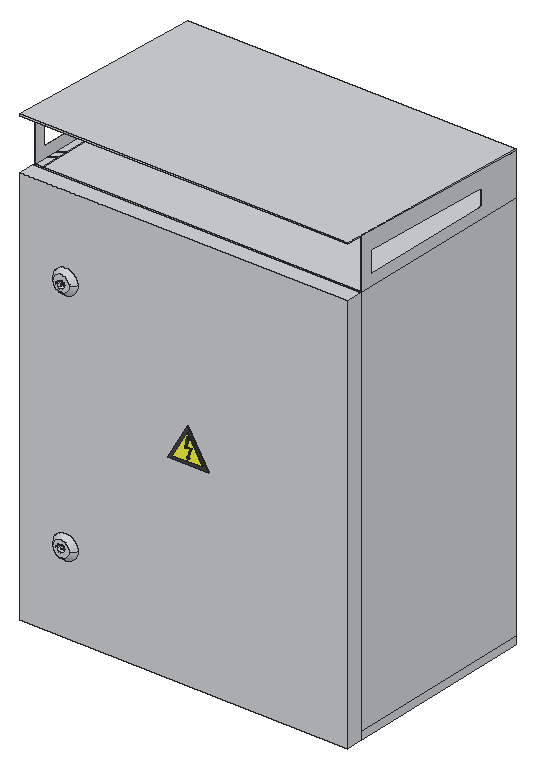
Revit family "STS-504_RV17_LOD400 (05.11.23)", category Электрооборудование, Revit 2017
Family settings
  Конфигурация панели = Два столбца, слева направо
  Размер круглого соединителя = Использовать диаметр
  Тип детали = Щит
  На основе рабочей плоскости = Нет
  Всегда вертикально = Да
  При загрузке вырезать с полостями = Нет
  Общий = Нет
  Точка расчета площади = Нет
Parameters (values of type "STS-504")
  Смещение_УГО_Y [instance] = 0 mm
  Смещение_УГО_X [instance] = 0 mm
  Раздел проекта [instance] = ""
  Раздел Спецификации [instance] = ""
  Номинальный ток автоматического выключателя напряжения питания, А = 25 A
  Напряжение электропитания постоянного тока вентилятора, В = 12
  Напряжение электропитания переменного тока, В/Гц = "220/50"
  Напряжение = "220"
  Конфигуратор контроллера STS-504 = "https://stilsoft.ru/calc504"
  Диапазон рабочих температур, °С = "от –40 до +50"
  Включение вентиляции при температуре, от, °С = 35
  Видимость_дверь [instance] = yes
  Видимость_УГО [instance] = yes
  Вариант исполнения = "уличный"
  В_Смещение_УГО_Y [instance] = Смещение_УГО_Y + 2000 mm  # 2000 mm
  В_Смещение_УГО_X [instance] = Смещение_УГО_X + 2000 mm  # 2000 mm
  d_короба = 20 mm
  ADSK_Размер_Ширина = 400 mm
  ADSK_Размер_Глубина = 257 mm
  ADSK_Размер_Высота = 560 mm
  ADSK_Примечание = ""
  ADSK_Наименование = "Контроллер STS-504"
  ADSK_Масса = 12
  ADSK_Марка = "СТВФ.426471.287"
  ADSK_Количество = 1
  ADSK_Завод-изготовитель = "ООО «Основа Безопасности»"  # constant formula
  ADSK_Единица измерения = "шт."  # constant formula
  ADSK_URL страницы изделия = "https://stilsoft.ru/products/sts-504"
  ADSK_URL документации изделия = ""
Reference planes
  plane 1 "По центру (Вперед/Назад)": y = 0
  plane 2: z = 0
  plane 3 "По центру (Влево/Вправо)": x = 0
  plane 4: y = 2000
  plane 5: x = -2000
  plane 6: x = 0
  plane 7: y = 0
  plane 8 "4": x = 200
  plane 9 "3": x = -200
  plane 10 "дверь": y = -257
  plane 11: z = 496
  plane 12 "крыша": through (0, -257, 558) normal (0, -0.0389, -0.9992)
  plane 13: z = 560
Forms (mm)
  Extrusion 1, solid, detail levels medium+fine
    sketch origin (0, 0, 0) x (1, 0, 0) y (0, 1, 0)
      loop
        line (-200, 0) -> (-200, -235) -> (-190, -235) -> (-190, -10) -> (190, -10) -> (190, -235) -> (200, -235) -> (200, 0) -> (-200, 0)
    from 16 to 496
  Extrusion 2, solid, detail levels medium+fine
    sketch origin (0, 0, 0) x (1, 0, 0) y (0, 0, 1)
      loop
        line (-200, 16) -> (-200, 6) -> (200, 6) -> (200, 16) -> (-200, 16)
      loop
        line (-200, 496) -> (-200, 486) -> (200, 486) -> (200, 496) -> (-200, 496)
    from 0 to 235
  Revolve 3, solid, detail levels medium+fine
    sketch origin (-125, -42.49, 0) x (0, -1, 0) y (0, 0, 1)
      loop
        line (0, 0) -> (12, 0) -> (12, 2) -> (14.5, 2) -> (14.5, 4) -> (17, 4) -> (17, 4.951) -> (20.994, 4.951) -> (20.994, 6) -> (0, 6) -> (0, 0)
      axis (0, 6) -> (0, 0)
    angle from 0 to 360
  Revolve 4, solid, detail levels medium+fine
    sketch origin (-75, -55.774, 1200) x (0, -1, 0) y (0, 0, 1)
      loop
        line (-13.284, -1200) -> (-1.284, -1200) -> (-1.284, -1198) -> (1.216, -1198) -> (1.216, -1196) -> (3.716, -1196) -> (3.716, -1195.049) -> (7.71, -1195.049) -> (7.71, -1194) -> (-13.284, -1194) -> (-13.284, -1200)
      axis (-13.284, -1194) -> (-13.284, -1200)
    angle from 0 to 360
  Revolve 5, solid, detail levels medium+fine
    sketch origin (-25, -42.49, 0) x (0, -1, 0) y (0, 0, 1)
      loop
        line (0, 0) -> (12, 0) -> (12, 2) -> (14.5, 2) -> (14.5, 4) -> (17, 4) -> (17, 4.951) -> (20.994, 4.951) -> (20.994, 6) -> (0, 6) -> (0, 0)
      axis (0, 6) -> (0, 0)
    angle from 0 to 360
  Revolve 6, solid, detail levels medium+fine
    sketch origin (25, -55.774, 1200) x (0, -1, 0) y (0, 0, 1)
      loop
        line (-13.284, -1200) -> (-1.284, -1200) -> (-1.284, -1198) -> (1.216, -1198) -> (1.216, -1196) -> (3.716, -1196) -> (3.716, -1195.049) -> (7.71, -1195.049) -> (7.71, -1194) -> (-13.284, -1194) -> (-13.284, -1200)
      axis (-13.284, -1194) -> (-13.284, -1200)
    angle from 0 to 360
  Revolve 7, solid, detail levels medium+fine
    sketch origin (75, -42.49, 0) x (0, -1, 0) y (0, 0, 1)
      loop
        line (0, 0) -> (12, 0) -> (12, 2) -> (14.5, 2) -> (14.5, 4) -> (17, 4) -> (17, 4.951) -> (20.994, 4.951) -> (20.994, 6) -> (0, 6) -> (0, 0)
      axis (0, 6) -> (0, 0)
    angle from 0 to 360
  Revolve 8, solid, detail levels medium+fine
    sketch origin (125, -55.774, 1200) x (0, -1, 0) y (0, 0, 1)
      loop
        line (-13.284, -1200) -> (-1.284, -1200) -> (-1.284, -1198) -> (1.216, -1198) -> (1.216, -1196) -> (3.716, -1196) -> (3.716, -1195.049) -> (7.71, -1195.049) -> (7.71, -1194) -> (-13.284, -1194) -> (-13.284, -1200)
      axis (-13.284, -1194) -> (-13.284, -1200)
    angle from 0 to 360
  Revolve 9, solid, detail levels medium+fine
    sketch origin (-100, -97, 0) x (0, -1, 0) y (0, 0, 1)
      loop
        line (0, 0) -> (12, 0) -> (12, 2) -> (14.5, 2) -> (14.5, 4) -> (17, 4) -> (17, 4.951) -> (20.994, 4.951) -> (20.994, 6) -> (0, 6) -> (0, 0)
      axis (0, 6) -> (0, 0)
    angle from 0 to 360
  Revolve 10, solid, detail levels medium+fine
    sketch origin (-50, -110.284, 1200) x (0, -1, 0) y (0, 0, 1)
      loop
        line (-13.284, -1200) -> (-1.284, -1200) -> (-1.284, -1198) -> (1.216, -1198) -> (1.216, -1196) -> (3.716, -1196) -> (3.716, -1195.049) -> (7.71, -1195.049) -> (7.71, -1194) -> (-13.284, -1194) -> (-13.284, -1200)
      axis (-13.284, -1194) -> (-13.284, -1200)
    angle from 0 to 360
  Revolve 11, solid, detail levels medium+fine
    sketch origin (0, -97, 0) x (0, -1, 0) y (0, 0, 1)
      loop
        line (0, 0) -> (12, 0) -> (12, 2) -> (14.5, 2) -> (14.5, 4) -> (17, 4) -> (17, 4.951) -> (20.994, 4.951) -> (20.994, 6) -> (0, 6) -> (0, 0)
      axis (0, 6) -> (0, 0)
    angle from 0 to 360
  Revolve 12, solid, detail levels medium+fine
    sketch origin (50, -110.284, 1200) x (0, -1, 0) y (0, 0, 1)
      loop
        line (-13.284, -1200) -> (-1.284, -1200) -> (-1.284, -1198) -> (1.216, -1198) -> (1.216, -1196) -> (3.716, -1196) -> (3.716, -1195.049) -> (7.71, -1195.049) -> (7.71, -1194) -> (-13.284, -1194) -> (-13.284, -1200)
      axis (-13.284, -1194) -> (-13.284, -1200)
    angle from 0 to 360
  Revolve 13, solid, detail levels medium+fine
    sketch origin (100, -97, 0) x (0, -1, 0) y (0, 0, 1)
      loop
        line (0, 0) -> (12, 0) -> (12, 2) -> (14.5, 2) -> (14.5, 4) -> (17, 4) -> (17, 4.951) -> (20.994, 4.951) -> (20.994, 6) -> (0, 6) -> (0, 0)
      axis (0, 6) -> (0, 0)
    angle from 0 to 360
  Extrusion 14, void
    sketch origin (0, 0, 0) x (1, 0, 0) y (0, 1, 0)
      loop
        circle (-125, -42.655) r 21.159
      loop
        circle (-75, -42.655) r 21.159
      loop
        circle (-25, -42.655) r 21.159
      loop
        circle (25, -42.655) r 21.159
      loop
        circle (75, -42.655) r 21.159
      loop
        circle (125, -42.655) r 21.159
      loop
        circle (-100, -97.165) r 21.159
      loop
        circle (-50, -97.165) r 21.159
      loop
        circle (0, -97.165) r 21.159
      loop
        circle (50, -97.165) r 21.159
      loop
        circle (100, -97.165) r 21.159
    from 6 to 16
  Extrusion 15, solid, visible <- "Видимость_дверь", detail levels medium+fine
    sketch origin (0, -257, -6.264) x (1, 0, 0) y (0, 0, 1)
      loop
        line (-200, 502.264) -> (-200, 12.264) -> (200, 12.264) -> (200, 502.264) -> (-200, 502.264)
    from 0 to -20
  Extrusion 16, solid, detail levels medium+fine
    sketch origin (-200, 0, 0) x (0, -1, 0) y (0, 0, 1)
      loop
        line (0, 548) -> (257, 558) -> (257, 560) -> (0, 550) -> (0, 548)
    from 0 to -400
  Extrusion 17, solid, detail levels medium+fine
    sketch origin (-200, 0, -60) x (0, -1, 0) y (0, 0, 1)
      loop
        line (0, 608) -> (0, 556) -> (235, 556) -> (235, 617.144) -> (0, 608)
      loop
        line (53.915, 568.913) -> (217.367, 568.913)
        arc (217.367, 568.913) -> (220.373, 570.158) -> (221.619, 573.165) r 4.252
        line (221.619, 573.165) -> (221.619, 592.005)
        arc (221.619, 592.005) -> (220.46, 594.802) -> (217.664, 595.96) r 3.955
        line (217.664, 595.96) -> (54.15, 589.597)
        arc (54.15, 589.597) -> (52.36, 588.855) -> (51.618, 587.064) r 2.532
        line (51.618, 587.064) -> (51.618, 571.21)
        arc (51.618, 571.21) -> (52.291, 569.585) -> (53.915, 568.913) r 2.297
    from 0 to -1
  Blend 18, solid, visible <- "Видимость_дверь", detail levels medium+fine
    base sketch origin (-257.145, -257, 209.136) x (1, 0, 0) y (0, 0, 1)
      loop
        circle (112.491, 187.124) r 15
    top sketch origin (-257.145, -257, 209.136) x (1, 0, 0) y (0, 0, 1)
      loop
        circle (112.491, 187.124) r 10
    from 0 to 6
  Extrusion 19, void, detail levels medium+fine
    sketch origin (-257.145, -257, 209.136) x (1, 0, 0) y (0, 0, 1)
      loop
        circle (112.263, 186.268) r 0.888
      loop
        line (105.364, 187.514) -> (105.364, 185.117) -> (107.397, 185.117)
        arc (107.397, 185.117) -> (112.263, 181.268) -> (117.128, 185.117) r 5
        line (117.128, 185.117) -> (119.161, 185.117) -> (119.161, 187.514) -> (117.105, 187.514)
        arc (117.105, 187.514) -> (112.263, 191.268) -> (107.42, 187.514) r 5
        line (107.42, 187.514) -> (105.364, 187.514)
    from 6 to 0.529
  Blend 20, solid, visible <- "Видимость_дверь", detail levels medium+fine
    base sketch origin (-257.145, -257, 296.864) x (1, 0, 0) y (0, 0, 1)
      loop
        circle (112.491, -191.124) r 15
    top sketch origin (-257.145, -257, 296.864) x (1, 0, 0) y (0, 0, 1)
      loop
        circle (112.491, -191.124) r 10
    from 0 to 6
  Extrusion 21, void, detail levels medium+fine
    sketch origin (-257.145, -257, 296.864) x (1, 0, 0) y (0, 0, 1)
      loop
        circle (112.263, -190.268) r 0.888
      loop
        line (105.364, -191.514) -> (107.42, -191.514)
        arc (107.42, -191.514) -> (112.263, -195.268) -> (117.105, -191.514) r 5
        line (117.105, -191.514) -> (119.161, -191.514) -> (119.161, -189.117) -> (117.128, -189.117)
        arc (117.128, -189.117) -> (112.263, -185.268) -> (107.397, -189.117) r 5
        line (107.397, -189.117) -> (105.364, -189.117) -> (105.364, -191.514)
    from 6 to 0.529
  Extrusion 22, solid, material "ЗНАЧЕК (1)", visible <- "Видимость_дверь", detail levels medium+fine
    sketch origin (5.416, -257, 118.169) x (1, 0, 0) y (0, 0, 1)
      loop
        line (25, 130) -> (0, 173) -> (-25, 130) -> (25, 130)
    from 0 to 0.2
  Extrusion 23, solid, material "ЗНАЧЕК (2)", visible <- "Видимость_дверь", detail levels medium+fine
    sketch origin (5.416, -257, 118.169) x (1, 0, 0) y (0, 0, 1)
      loop
        line (18, 134) -> (0, 165) -> (-18, 134) -> (18, 134)
    from 0 to 0.3
  Extrusion 24, solid, material "ЗНАЧЕК (1)", visible <- "Видимость_дверь", detail levels medium+fine
    sketch origin (5.416, -257, 118.169) x (1, 0, 0) y (0, 0, 1)
      loop
        line (0, 159.8) -> (-1.4, 159.8) -> (-4.015, 147.497) -> (2.6, 148.075) -> (-0.309, 137.932) -> (-1.555, 137.932) -> (0, 135.238) -> (1.886, 137.932) -> (0.321, 137.932) -> (4.567, 149.598) -> (-2.041, 149.251) -> (1.799, 159.8) -> (0, 159.8)
    from 0 to 0.4
  Extrusion 25, solid, detail levels medium+fine
    sketch origin (200, 0, -60) x (0, -1, 0) y (0, 0, -1)
      loop
        line (0, -608) -> (235, -617.144) -> (235, -556) -> (0, -556) -> (0, -608)
      loop
        arc (53.915, -568.913) -> (52.291, -569.585) -> (51.618, -571.21) r 2.297
        line (51.618, -571.21) -> (51.618, -587.064)
        arc (51.618, -587.064) -> (52.36, -588.855) -> (54.15, -589.597) r 2.532
        line (54.15, -589.597) -> (217.664, -595.96)
        arc (217.664, -595.96) -> (220.46, -594.802) -> (221.619, -592.005) r 3.955
        line (221.619, -592.005) -> (221.619, -573.165)
        arc (221.619, -573.165) -> (220.373, -570.158) -> (217.367, -568.913) r 4.252
        line (217.367, -568.913) -> (53.915, -568.913)
    from 0 to -1
Cuts and joins
  Extrusion 14 cuts Extrusion 2
  Extrusion 19, Extrusion 21 cuts Blend 18
  Extrusion 21 cuts Blend 20
Dimensions and locks
  locked: plane 4 to plane 1 "По центру (Вперед/Назад)" at 2000
  locked: plane 5 to plane 3 "По центру (Влево/Вправо)" at 2000
  "В_Смещение_УГО_X": plane 5 to plane 6
  "В_Смещение_УГО_Y": plane 4 to plane 7
  "ADSK_Размер_Ширина": plane 9 "3" to plane 8 "4"
  "ADSK_Размер_Глубина": plane 10 "дверь" to plane 1 "По центру (Вперед/Назад)"
  plane 11 to level = 496 mm
  "ADSK_Размер_Высота": plane 13 to level
  aligned and locked: level to plane 2
  aligned and locked: nested 1 to plane 7
  aligned and locked: plane 6 to nested 1
Automatic sketch dimensions
  plane 1 "По центру (Вперед/Назад)" to Extrusion 1 sketch curve = 0 mm
  Extrusion 1 sketch curve to plane 9 "3" = 0 mm
  Extrusion 1 sketch curve to plane 8 "4" = 0 mm
  Extrusion 1 sketch curve to plane 9 "3" = 10 mm
  Extrusion 1 sketch curve to plane 8 "4" = 10 mm
  plane 1 "По центру (Вперед/Назад)" to Extrusion 1 sketch curve = 10 mm
  Extrusion 1 sketch curve to plane 10 "дверь" = 22 mm  (x2)
  plane 9 "3" to Extrusion 2 sketch curve = 0 mm  (x2)
  Extrusion 2 sketch curve to plane 8 "4" = 0 mm  (x2)
  Extrusion 2 sketch curve to plane 11 = 0 mm
  Extrusion 2 sketch curve to plane 11 = 10 mm
  Revolve 3 sketch curve to level = 0 mm  (x2)
  plane 1 "По центру (Вперед/Назад)" to Revolve 3 sketch curve = 42.49 mm
  level to Revolve 3 sketch curve = 2 mm
  Revolve 3 sketch curve to Revolve 3 sketch curve = 12 mm
  Revolve 3 sketch curve to Revolve 3 sketch curve = 2.5 mm  (x2)
  Revolve 3 sketch curve to Revolve 3 sketch curve = 3.994 mm
  Revolve 3 sketch curve to Revolve 3 sketch curve = 0 mm  (x2)
  Revolve 4 sketch curve to level = 0 mm  (x2)
  plane 1 "По центру (Вперед/Назад)" to Revolve 4 sketch curve = 42.49 mm
  level to Revolve 4 sketch curve = 2 mm
  Revolve 4 sketch curve to Revolve 4 sketch curve = 12 mm
  Revolve 4 sketch curve to Revolve 4 sketch curve = 2.5 mm  (x2)
  Revolve 4 sketch curve to Revolve 4 sketch curve = 3.994 mm
  Revolve 4 sketch curve to Revolve 4 sketch curve = 0 mm  (x2)
  Revolve 5 sketch curve to level = 0 mm  (x2)
  plane 1 "По центру (Вперед/Назад)" to Revolve 5 sketch curve = 42.49 mm
  level to Revolve 5 sketch curve = 2 mm
  Revolve 5 sketch curve to Revolve 5 sketch curve = 12 mm
  Revolve 5 sketch curve to Revolve 5 sketch curve = 2.5 mm  (x2)
  Revolve 5 sketch curve to Revolve 5 sketch curve = 3.994 mm
  Revolve 5 sketch curve to Revolve 5 sketch curve = 0 mm  (x2)
  Revolve 6 sketch curve to level = 0 mm  (x2)
  plane 1 "По центру (Вперед/Назад)" to Revolve 6 sketch curve = 42.49 mm
  level to Revolve 6 sketch curve = 2 mm
  Revolve 6 sketch curve to Revolve 6 sketch curve = 12 mm
  Revolve 6 sketch curve to Revolve 6 sketch curve = 2.5 mm  (x2)
  Revolve 6 sketch curve to Revolve 6 sketch curve = 3.994 mm
  Revolve 6 sketch curve to Revolve 6 sketch curve = 0 mm  (x2)
  Revolve 7 sketch curve to level = 0 mm  (x2)
  plane 1 "По центру (Вперед/Назад)" to Revolve 7 sketch curve = 42.49 mm
  level to Revolve 7 sketch curve = 2 mm
  Revolve 7 sketch curve to Revolve 7 sketch curve = 12 mm
  Revolve 7 sketch curve to Revolve 7 sketch curve = 2.5 mm  (x2)
  Revolve 7 sketch curve to Revolve 7 sketch curve = 3.994 mm
  Revolve 7 sketch curve to Revolve 7 sketch curve = 0 mm  (x2)
  Revolve 8 sketch curve to level = 0 mm  (x2)
  plane 1 "По центру (Вперед/Назад)" to Revolve 8 sketch curve = 42.49 mm
  level to Revolve 8 sketch curve = 2 mm
  Revolve 8 sketch curve to Revolve 8 sketch curve = 12 mm
  Revolve 8 sketch curve to Revolve 8 sketch curve = 2.5 mm  (x2)
  Revolve 8 sketch curve to Revolve 8 sketch curve = 3.994 mm
  Revolve 8 sketch curve to Revolve 8 sketch curve = 0 mm  (x2)
  Revolve 9 sketch curve to level = 0 mm  (x2)
  plane 1 "По центру (Вперед/Назад)" to Revolve 9 sketch curve = 97 mm
  level to Revolve 9 sketch curve = 2 mm
  Revolve 9 sketch curve to Revolve 9 sketch curve = 12 mm
  Revolve 9 sketch curve to Revolve 9 sketch curve = 2.5 mm  (x2)
  Revolve 9 sketch curve to Revolve 9 sketch curve = 3.994 mm
  Revolve 9 sketch curve to Revolve 9 sketch curve = 0 mm  (x2)
  Revolve 10 sketch curve to level = 0 mm  (x2)
  plane 1 "По центру (Вперед/Назад)" to Revolve 10 sketch curve = 97 mm
  level to Revolve 10 sketch curve = 2 mm
  Revolve 10 sketch curve to Revolve 10 sketch curve = 12 mm
  Revolve 10 sketch curve to Revolve 10 sketch curve = 2.5 mm  (x2)
  Revolve 10 sketch curve to Revolve 10 sketch curve = 3.994 mm
  Revolve 10 sketch curve to Revolve 10 sketch curve = 0 mm  (x2)
  Revolve 11 sketch curve to level = 0 mm  (x2)
  plane 1 "По центру (Вперед/Назад)" to Revolve 11 sketch curve = 97 mm
  level to Revolve 11 sketch curve = 2 mm
  Revolve 11 sketch curve to Revolve 11 sketch curve = 12 mm
  Revolve 11 sketch curve to Revolve 11 sketch curve = 2.5 mm  (x2)
  Revolve 11 sketch curve to Revolve 11 sketch curve = 3.994 mm
  Revolve 11 sketch curve to Revolve 11 sketch curve = 0 mm  (x2)
  Revolve 12 sketch curve to level = 0 mm  (x2)
  plane 1 "По центру (Вперед/Назад)" to Revolve 12 sketch curve = 97 mm
  level to Revolve 12 sketch curve = 2 mm
  Revolve 12 sketch curve to Revolve 12 sketch curve = 12 mm
  Revolve 12 sketch curve to Revolve 12 sketch curve = 2.5 mm  (x2)
  Revolve 12 sketch curve to Revolve 12 sketch curve = 3.994 mm
  Revolve 12 sketch curve to Revolve 12 sketch curve = 0 mm  (x2)
  Revolve 13 sketch curve to level = 0 mm  (x2)
  plane 1 "По центру (Вперед/Назад)" to Revolve 13 sketch curve = 97 mm
  level to Revolve 13 sketch curve = 2 mm
  Revolve 13 sketch curve to Revolve 13 sketch curve = 12 mm
  Revolve 13 sketch curve to Revolve 13 sketch curve = 2.5 mm  (x2)
  Revolve 13 sketch curve to Revolve 13 sketch curve = 3.994 mm
  Revolve 13 sketch curve to Revolve 13 sketch curve = 0 mm  (x2)
  Extrusion 14 sketch curve to plane 3 "По центру (Влево/Вправо)" = 0 mm
  Extrusion 14 sketch curve to plane 3 "По центру (Влево/Вправо)" = 25 mm
  Extrusion 14 sketch curve to plane 3 "По центру (Влево/Вправо)" = 50 mm
  Extrusion 14 sketch curve to Extrusion 14 sketch curve = 50 mm  (x7)
  plane 3 "По центру (Влево/Вправо)" to Extrusion 14 sketch curve = 25 mm
  plane 1 "По центру (Вперед/Назад)" to Extrusion 14 sketch curve = 97.165 mm  (x2)
  Extrusion 14 sketch curve to Extrusion 14 sketch curve = 0 mm  (x3)
  plane 1 "По центру (Вперед/Назад)" to Extrusion 14 sketch curve = 42.655 mm  (x6)
  plane 9 "3" to Extrusion 15 sketch curve = 0 mm
  Extrusion 15 sketch curve to plane 8 "4" = 0 mm
  Extrusion 15 sketch curve to plane 11 = 0 mm
  Extrusion 16 sketch curve to plane 1 "По центру (Вперед/Назад)" = 0 mm
  Extrusion 16 sketch curve to plane 10 "дверь" = 0 mm
  plane 12 "крыша" to Extrusion 16 sketch curve = 0 mm  (x2)
  Extrusion 16 sketch curve to Extrusion 16 sketch curve = 2 mm  (x2)
  Extrusion 17 sketch curve to plane 1 "По центру (Вперед/Назад)" = 0 mm
  Extrusion 17 sketch curve to plane 10 "дверь" = 22 mm
  Extrusion 17 sketch curve to plane 11 = 0 mm
  plane 12 "крыша" to Extrusion 17 sketch curve = 0 mm  (x2)
  plane 1 "По центру (Вперед/Назад)" to Extrusion 17 sketch curve = 51.618 mm
  Extrusion 17 sketch curve to Extrusion 17 sketch curve = 2.297 mm
  Extrusion 17 sketch curve to Extrusion 17 sketch curve = 2.532 mm
  plane 11 to Extrusion 17 sketch curve = 12.913 mm
  Extrusion 17 sketch curve to plane 10 "дверь" = 39.633 mm
  Extrusion 17 sketch curve to Extrusion 17 sketch curve = 0.297 mm
  Extrusion 17 sketch curve to Extrusion 17 sketch curve = 3.955 mm
  Extrusion 17 sketch curve to Extrusion 17 sketch curve = 15.855 mm
  Extrusion 17 sketch curve to Extrusion 17 sketch curve = 18.841 mm
  Blend 18 sketch curve to plane 9 "3" = 55.347 mm  (x2)
  Blend 18 sketch curve to plane 11 = 99.74 mm  (x2)
  Extrusion 19 sketch curve to Extrusion 19 sketch curve = 0 mm  (x6)
  Extrusion 19 sketch curve to plane 9 "3" = 48.219 mm
  Extrusion 19 sketch curve to Extrusion 19 sketch curve = 2.033 mm
  Extrusion 19 sketch curve to Extrusion 19 sketch curve = 2.057 mm  (x2)
  Extrusion 19 sketch curve to Extrusion 19 sketch curve = 4.866 mm
  Extrusion 19 sketch curve to Extrusion 19 sketch curve = 4.842 mm
  Extrusion 19 sketch curve to Extrusion 19 sketch curve = 0.023 mm
  Extrusion 19 sketch curve to plane 11 = 101.747 mm
  Extrusion 19 sketch curve to Extrusion 19 sketch curve = 1.151 mm
  Extrusion 19 sketch curve to Extrusion 19 sketch curve = 2.396 mm
  Blend 20 sketch curve to plane 9 "3" = 55.347 mm  (x2)
  Extrusion 21 sketch curve to Extrusion 21 sketch curve = 0 mm  (x7)
  Extrusion 21 sketch curve to plane 9 "3" = 48.219 mm
  Extrusion 21 sketch curve to Extrusion 21 sketch curve = 2.033 mm
  Extrusion 21 sketch curve to Extrusion 21 sketch curve = 2.057 mm  (x2)
  Extrusion 21 sketch curve to Extrusion 21 sketch curve = 4.866 mm
  Extrusion 21 sketch curve to Extrusion 21 sketch curve = 4.842 mm
  Extrusion 21 sketch curve to Extrusion 21 sketch curve = 0.023 mm
  Extrusion 21 sketch curve to Extrusion 21 sketch curve = 1.246 mm
  Extrusion 21 sketch curve to Extrusion 21 sketch curve = 2.396 mm
  Extrusion 22 sketch curve to plane 3 "По центру (Влево/Вправо)" = 19.584 mm
  plane 3 "По центру (Влево/Вправо)" to Extrusion 22 sketch curve = 5.416 mm
  plane 3 "По центру (Влево/Вправо)" to Extrusion 22 sketch curve = 30.416 mm
  Extrusion 22 sketch curve to Extrusion 22 sketch curve = 43 mm
  Extrusion 23 sketch curve to plane 3 "По центру (Влево/Вправо)" = 12.584 mm
  plane 3 "По центру (Влево/Вправо)" to Extrusion 23 sketch curve = 5.416 mm
  plane 3 "По центру (Влево/Вправо)" to Extrusion 23 sketch curve = 23.416 mm
  Extrusion 23 sketch curve to Extrusion 23 sketch curve = 31 mm
  plane 3 "По центру (Влево/Вправо)" to Extrusion 24 sketch curve = 1.401 mm
  Extrusion 24 sketch curve to Extrusion 24 sketch curve = 1.975 mm
  plane 3 "По центру (Влево/Вправо)" to Extrusion 24 sketch curve = 3.861 mm
  plane 3 "По центру (Влево/Вправо)" to Extrusion 24 sketch curve = 4.016 mm
  Extrusion 24 sketch curve to Extrusion 24 sketch curve = 1.246 mm
  Extrusion 24 sketch curve to Extrusion 24 sketch curve = 1.4 mm
  Extrusion 24 sketch curve to Extrusion 24 sketch curve = 0.309 mm
  Extrusion 24 sketch curve to Extrusion 24 sketch curve = 0.63 mm
  Extrusion 24 sketch curve to Extrusion 24 sketch curve = 1.799 mm
  Extrusion 24 sketch curve to Extrusion 24 sketch curve = 1.565 mm
  Extrusion 24 sketch curve to Extrusion 24 sketch curve = 4.64 mm
  Extrusion 24 sketch curve to Extrusion 24 sketch curve = 1.968 mm
  Extrusion 24 sketch curve to Extrusion 24 sketch curve = 2.694 mm
  Extrusion 24 sketch curve to Extrusion 24 sketch curve = 0 mm
  Extrusion 24 sketch curve to Extrusion 24 sketch curve = 9.564 mm
  Extrusion 24 sketch curve to Extrusion 24 sketch curve = 0.579 mm
  Extrusion 24 sketch curve to Extrusion 24 sketch curve = 1.755 mm
  Extrusion 24 sketch curve to Extrusion 24 sketch curve = 1.522 mm
  Extrusion 24 sketch curve to Extrusion 24 sketch curve = 10.549 mm
  Extrusion 25 sketch curve to plane 1 "По центру (Вперед/Назад)" = 0 mm
  Extrusion 25 sketch curve to plane 10 "дверь" = 22 mm
  plane 12 "крыша" to Extrusion 25 sketch curve = 0 mm  (x2)
  Extrusion 25 sketch curve to plane 11 = 0 mm
  plane 1 "По центру (Вперед/Назад)" to Extrusion 25 sketch curve = 51.618 mm
  Extrusion 25 sketch curve to Extrusion 25 sketch curve = 2.297 mm
  Extrusion 25 sketch curve to Extrusion 25 sketch curve = 2.532 mm
  plane 11 to Extrusion 25 sketch curve = 12.913 mm
  Extrusion 25 sketch curve to plane 10 "дверь" = 39.633 mm
  Extrusion 25 sketch curve to Extrusion 25 sketch curve = 0.297 mm
  Extrusion 25 sketch curve to Extrusion 25 sketch curve = 3.955 mm
  Extrusion 25 sketch curve to Extrusion 25 sketch curve = 22.796 mm
  Extrusion 25 sketch curve to Extrusion 25 sketch curve = 18.387 mm
  level to Extrusion 2 sketch curve = 16 mm
  level to Extrusion 2 sketch curve = 6 mm
  Revolve 3 sketch curve to Revolve 3 sketch curve = 2 mm
  Revolve 3 sketch curve to Revolve 3 sketch curve = 0.951 mm
  Revolve 3 sketch curve to Revolve 3 sketch curve = 1.049 mm
  Revolve 4 sketch curve to Revolve 4 sketch curve = 2 mm
  Revolve 4 sketch curve to Revolve 4 sketch curve = 0.951 mm
  Revolve 4 sketch curve to Revolve 4 sketch curve = 1.049 mm
  Revolve 5 sketch curve to Revolve 5 sketch curve = 2 mm
  Revolve 5 sketch curve to Revolve 5 sketch curve = 0.951 mm
  Revolve 5 sketch curve to Revolve 5 sketch curve = 1.049 mm
  Revolve 6 sketch curve to Revolve 6 sketch curve = 2 mm
  Revolve 6 sketch curve to Revolve 6 sketch curve = 0.951 mm
  Revolve 6 sketch curve to Revolve 6 sketch curve = 1.049 mm
  Revolve 7 sketch curve to Revolve 7 sketch curve = 2 mm
  Revolve 7 sketch curve to Revolve 7 sketch curve = 0.951 mm
  Revolve 7 sketch curve to Revolve 7 sketch curve = 1.049 mm
  Revolve 8 sketch curve to Revolve 8 sketch curve = 2 mm
  Revolve 8 sketch curve to Revolve 8 sketch curve = 0.951 mm
  Revolve 8 sketch curve to Revolve 8 sketch curve = 1.049 mm
  Revolve 9 sketch curve to Revolve 9 sketch curve = 2 mm
  Revolve 9 sketch curve to Revolve 9 sketch curve = 0.951 mm
  Revolve 9 sketch curve to Revolve 9 sketch curve = 1.049 mm
  Revolve 10 sketch curve to Revolve 10 sketch curve = 2 mm
  Revolve 10 sketch curve to Revolve 10 sketch curve = 0.951 mm
  Revolve 10 sketch curve to Revolve 10 sketch curve = 1.049 mm
  Revolve 11 sketch curve to Revolve 11 sketch curve = 2 mm
  Revolve 11 sketch curve to Revolve 11 sketch curve = 0.951 mm
  Revolve 11 sketch curve to Revolve 11 sketch curve = 1.049 mm
  Revolve 12 sketch curve to Revolve 12 sketch curve = 2 mm
  Revolve 12 sketch curve to Revolve 12 sketch curve = 0.951 mm
  Revolve 12 sketch curve to Revolve 12 sketch curve = 1.049 mm
  Revolve 13 sketch curve to Revolve 13 sketch curve = 2 mm
  Revolve 13 sketch curve to Revolve 13 sketch curve = 0.951 mm
  Revolve 13 sketch curve to Revolve 13 sketch curve = 1.049 mm
  level to Extrusion 15 sketch curve = 6 mm
  level to Blend 20 sketch curve = 105.74 mm  (x2)
  level to Extrusion 21 sketch curve = 105.351 mm
  Extrusion 22 sketch curve to plane 11 = 247.831 mm
  Extrusion 23 sketch curve to plane 11 = 243.831 mm
  Extrusion 24 sketch curve to plane 11 = 242.593 mm
  radius of Extrusion 14 sketch curve = 21.159 mm  (x11)
  radius of Blend 18 sketch curve = 15 mm
  radius of Blend 18 sketch curve = 10 mm
  radius of Extrusion 19 sketch curve = 0.888 mm
  radius of Blend 20 sketch curve = 15 mm
  radius of Blend 20 sketch curve = 10 mm
  radius of Extrusion 21 sketch curve = 0.888 mm
Nested families
  nested 1: "УГО_Контроллер" at (0, 0, 0), visible <- "Видимость_УГО", type "УГО_Контроллер", detail levels coarse
Definition of nested family "УГО_Контроллер"
  Reference planes
    plane 1: y = 0
    plane 2: x = 0
  Lines and regions (mm)
    Filled region 1, type "Цветовая область 1"
      outline origin (0, 0, 0) x (1, 0, 0) y (0, 1, 0)
        loop
          line (0, -2.5) -> (0, -5) -> (5, -5) -> (5, -2.5) -> (0, -2.5)
    detail lines
      curve 1: line (5, 0, 0) -> (5, -5, 0)
      curve 2: line (5, -5, 0) -> (-5, -5, 0)
      curve 3: line (-5, -5, 0) -> (-5, 0, 0)
      curve 4: line (-5, 0, 0) -> (5, 0, 0)
      curve 5: line (5, -2.5, 0) -> (0, -2.5, 0)
      curve 6: line (0, -2.5, 0) -> (0, -5, 0)
